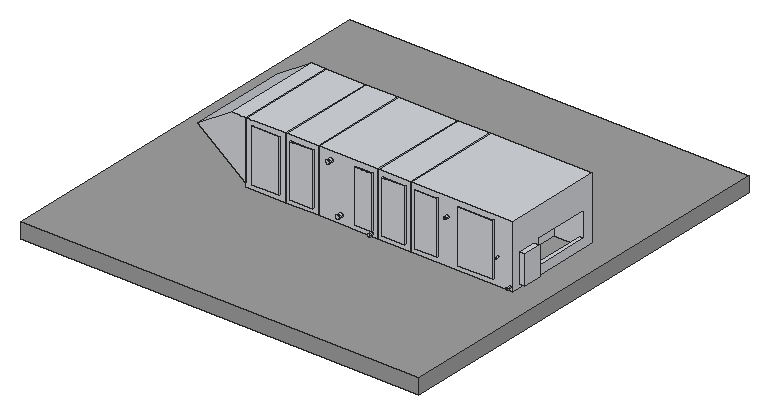
Revit family
Parameters (values of type "4 Row CW")
  Wheel Size [instance] = ""
  Voltage = 480 V
  Unit Weight (lbs) = 4667  # constant formula
  URL = "http://www.appliedair.com"
  Total Static Pressure [instance] = 0.00 in-wg
  Total Heating Capacity [instance] = 0.0 Btu/h
  Total Cooling Capacity [instance] = 0.0 Btu/h
  Temperature Rise [instance] = 0 °F
  Supply Air Pressure Drop [instance] = 0.00 in-wg
  Supply Air Outlet Flow [instance] = 0 CFM
  Supply Air Inlet Flow [instance] = 0 CFM
  Series = "IFL"
  Return Coil Horizontal Offset = 0' - 10"
  Return Air Inlet Flow [instance] = 0 CFM
  Return Air Flow Height = 1' - 8"
  Product URL = "http://www.appliedair.com/ifl.asp"
  Power Vertical Offset = 1' - 2 1/4"
  Power Horizontal Offset = 2' - 6"
  Power Connection Radius = 0' - 0 3/4"
  Phase = 3
  Output Heat [instance] = 0.0 Btu/h
  OmniClass = "23-75 10 24 21 27 17"
  Number of Rows = 4
  Number of Poles = 3
  Nominal Width = 6' - 8"  # constant formula
  Nominal Length = 21' - 0 5/8"  # constant formula
  Nominal Height = 4' - 2"  # constant formula
  Motor Horsepower (HP) [instance] = 0
  Motor Brake Horsepower (BHP) [instance] = 0
  Motor Amps [instance] = 0 A
  Model = "40"
  Minimum Input [instance] = 0.0 Btu/h
  Minimum Air Flow = 3000 CFM
  Maximum Input [instance] = 0.0 Btu/h
  Maximum Air Flow = 9500 CFM
  Manufacturer = "Applied Air"
  M = 3' - 10"  # constant formula
  L = 1' - 8 3/4"  # constant formula
  K = 2' - 1 11/16"  # constant formula
  J = 0' - 6 3/4"  # constant formula
  Heating Leaving Water Temperature [instance] = 0 °F
  Heating Leaving Air Temperature Wet Bulb [instance] = 0 °F
  Heating Leaving Air Temperature Dry Bulb [instance] = 0 °F
  Heating Entering Water Temperature [instance] = 0 °F
  Heating Entering Air Temperature Wet Bulb [instance] = 0 °F
  Heating Entering Air Temperature Dry Bulb [instance] = 0 °F
  Gas Vertical Offset = 1' - 9"  # constant formula
  Gas Horizontal Offset = 0' - 11 1/2"
  Gas Connection Radius = 0' - 0 3/8"  # constant formula
  Condensate Drain Vertical Offset = 0' - 2 3/4"
  Condensate Drain Radius = 0' - 0 3/4"  # constant formula
  Gas Pressure Drop [instance] = 0.00 psi
  Gas Input [instance] = 0.0 Btu/h
  Condensate Drain Horizontal Offset = 0' - 1 27/32"
  Gas Flow [instance] = 0 GPM
  Condensate Drain Connection Radius = Condensate Drain Radius  # 0' - 0 3/4"
  Furnace Size [instance] = ""
  Frequency = 60 Hz
  Fan Speed (RPM) [instance] = 0
  Face Velocity (FPM) [instance] = 0
  Face Pressure Drop [instance] = 0' - 0"
  Drain Pressure Drop [instance] = 0.00 psi
  Drain Flow [instance] = 0 GPM
  Description = "Dedicated Outside Air Split System"
  Cooling Sensible Capacity [instance] = 0 Btu/h
  Cooling Leaving Air Temperature Wet Bulb [instance] = 0 °F
  Cooling Leaving Air Temperature Dry Bulb [instance] = 0 °F
  Cooling Entering Air Temperature Wet Bulb [instance] = 0 °F
  Cooling Entering Air Temperature Dry Bulb [instance] = 0 °F
  Cooling Coil Radius = 0' 3" / 2  # 0' - 1 1/2"
  H = 0' - 3 1/16"  # constant formula
  G = 3' - 2 5/8"  # constant formula
  Drain Vertical Offset = 0' - 2"
  Drain Radius = 0' - 1"
  Drain Horizontal Offset = 0' - 5"
  Default Elevation = 0' - 0"
  F = 2' - 2"  # constant formula
  E = 4' - 0"  # constant formula
  D = 5' - 8"  # constant formula
  Combustion Air Flow [instance] = 0 CFM
  Coils Depth = 0' - 3"
  Coil Face Area = if(Choose Coil Option = 1, 9.17 SF, if(Choose Coil Option = 2, 14.00 SF, if(Choose Coil Option = 3, 17.72 SF, 0.00 SF)))  # 9.17 SF
  Choose Coil Option = 1
  Chilled Water Pressure [instance] = 0.00 in-wg
  Chilled Water Flow [instance] = 0 GPM
  Coils Vertical Offsets = 0' - 6 143/256"
  Supply Coil Horizontal Offset = 1' - 6"
  Burner Amps [instance] = 0 A
  B = 6' - 10"  # constant formula
  Assembly Code = "D3030200"
  Apparent Power [instance] = (Motor Amps + Burner Amps) * Voltage * sqrt(3)  # 0 VA
  AHU Material = Galvanized Steel
  30x44 CW Coils = Choose Coil Option = 1  # yes
  36x56 CW Coils = Choose Coil Option = 2  # no
  40.5x63 CW Coils = Choose Coil Option = 3  # no
Reference planes (in)
  plane 1 "Center (Front/Back)": y = 0
  plane 2: z = -0.00391
  plane 3 "Center (Left/Right)": x = 0
  plane 4: y = 38
  plane 5: y = -42
  plane 6: x = -24
  plane 7: x = 24
  plane 8: x = 50
  plane 9: z = 49.99609
  plane 10: x = 132
  plane 11: x = -50
  plane 12: x = -82
  plane 13: x = -120.625
  plane 14: x = -14
  plane 15: x = -6
  plane 16: z = 6.55469
  plane 17: z = 43.4375
  plane 18: y = -45
  plane 19: x = 19
  plane 20: z = 1.99609
  plane 21: x = 80
  plane 22: z = 35.74609
  plane 23: z = 2.74609
  plane 24: x = 130.15625
  plane 25: x = 120.5
  plane 26: z = 20.99609
Forms (in)
  Extrusion 1, solid, material "Default"
    sketch origin (0, 0, 0) x (1, 0, 0) y (0, 1, 0)
      loop
        line (-164.84185, 166) -> (-164.84185, -165.6411) -> (155.35983, -165.6411) -> (155.35983, 166) -> (-164.84185, 166)
    from -0.00391 to -12
  Extrusion 2, solid
    sketch origin (0.62705, 0, 0) x (1, 0, 0) y (0, 0, 1)
      loop
        line (-24.62705, 0) -> (23.37295, 0) -> (23.37295, 49.99609) -> (-24.62705, 49.99609) -> (-24.62705, 0)
    from -38 to 42
  Extrusion 3, solid
    sketch origin (66.62705, 0, 0) x (1, 0, 0) y (0, 0, 1)
      loop
        line (-42.62705, 0) -> (-16.62705, 0) -> (-16.62705, 49.99609) -> (-42.62705, 49.99609) -> (-42.62705, 0)
    from -38 to 42
  Extrusion 4, solid
    sketch origin (120.62705, 0, 0) x (1, 0, 0) y (0, 0, 1)
      loop
        line (-70.62705, 0) -> (11.37295, 0) -> (11.37295, 49.99609) -> (-70.62705, 49.99609) -> (-70.62705, 0)
    from -38 to 42
  Extrusion 5, solid
    sketch origin (-17.37295, 0, 0) x (1, 0, 0) y (0, 0, 1)
      loop
        line (-32.62705, -0.00391) -> (-6.62705, -0.00391) -> (-6.62705, 49.99609) -> (-32.62705, 49.99609) -> (-32.62705, -0.00391)
    from -38 to 42
  Extrusion 6, solid
    sketch origin (-41.37295, 0, 0) x (1, 0, 0) y (0, 0, 1)
      loop
        line (-40.62705, -0.00391) -> (-8.62705, -0.00391) -> (-8.62705, 49.99609) -> (-40.62705, 49.99609) -> (-40.62705, -0.00391)
    from -38 to 42
  Extrusion 7, solid
    sketch origin (-15.3125, 0, 0) x (1, 0, 0) y (0, 0, 1)
      loop
        line (-105.3125, 32.99609) -> (-66.6875, 2.74609) -> (-66.6875, 49.99609) -> (-78.33244, 49.99609) -> (-105.3125, 32.99609)
    from -38 to 42
  Extrusion 8, void
    sketch origin (0, 0, 0) x (1, 0, 0) y (0, 1, 0)
      loop
        line (-75, 32) -> (-75, -36) -> (-55, -36) -> (-55, 32) -> (-75, 32)
    from 0 to 31.59567
  Extrusion 9, void
    sketch origin (0, 0, 0) x (0, 1, 0) y (0, 0, 1)
      loop
        line (-36, 9) -> (32, 9) -> (32, 29) -> (-36, 29) -> (-36, 9)
    from -55 to -86
  Extrusion 10, void
    sketch origin (0, 0, 0) x (1, 0, 0) y (0, 0, 1)
      loop
        line (-109.05333, 23.93349) -> (-93.44248, 11.70751) -> (-86, 11.70751) -> (-86, 30.21142) -> (-102.77539, 30.21142) -> (-109.05333, 23.93349)
    from -32 to 36
  Extrusion 11, void
    sketch origin (0, 0, 0) x (1, 0, 0) y (0, 1, 0)
      loop
        line (128.9375, -16.3125) -> (128.9375, 29.6875) -> (108.1875, 29.6875) -> (108.1875, -16.3125) -> (128.9375, -16.3125)
    from 0 to 21.23232
  Extrusion 12, void
    sketch origin (0, 0, 0) x (1, 0, 0) y (0, 0, 1)
      loop
        line (132, 6.74609) -> (132, 27.49609) -> (108.1875, 27.49609) -> (108.1875, 6.74609) -> (132, 6.74609)
    from -29.6875 to 16.3125
  Extrusion 13, solid
    sketch origin (0, 0, 0) x (1, 0, 0) y (0, 1, 0)
      loop
        line (132, -21) -> (132, -36) -> (137, -36) -> (137, -21) -> (132, -21)
    from 3.06225 to 25.87762
  Extrusion 14, solid
    sketch origin (0, 0, 0) x (1, 0, 0) y (0, 0, 1)
      loop
        circle (-6, 6.55469) r 1.5
      loop
        circle (-14, 43.4375) r 1.5
      loop
        circle (19, 1.99609) r 1
      loop
        circle (80, 35.74609) r 0.75
      loop
        circle (130.15625, 2.74609) r 0.75
      loop
        circle (120.5, 20.99609) r 0.375
    from 42 to 45
  Extrusion 15, solid
    sketch origin (0, -38, 0) x (1, 0, 0) y (0, 0, 1)
      loop
        line (-55, 45.99609) -> (-77, 45.99609) -> (-77, 3.99609) -> (-55, 3.99609) -> (-55, 45.99609)
      loop
        line (-28, 45.99609) -> (-46, 45.99609) -> (-46, 3.99609) -> (-28, 3.99609) -> (-28, 45.99609)
      loop
        line (20, 45.99609) -> (6, 45.99609) -> (6, 3.99609) -> (20, 3.99609) -> (20, 45.99609)
      loop
        line (46, 45.99609) -> (28, 45.99609) -> (28, 3.99609) -> (46, 3.99609) -> (46, 45.99609)
      loop
        line (72, 45.99609) -> (54, 45.99609) -> (54, 3.99609) -> (72, 3.99609) -> (72, 45.99609)
      loop
        line (117, 45.99609) -> (89, 45.99609) -> (89, 3.99609) -> (117, 3.99609) -> (117, 45.99609)
    from 4 to 5
  Extrusion 16, void
    sketch origin (0, 0, 0) x (1, 0, 0) y (0, 0, 1)
      loop
        line (124.55215, 46.70523) -> (124.55215, 46.20523) -> (126.80215, 46.20523) -> (126.80215, 46.70523) -> (124.55215, 46.70523)
      loop
        line (127.55215, 46.70523) -> (127.55215, 46.20523) -> (129.80215, 46.20523) -> (129.80215, 46.70523) -> (127.55215, 46.70523)
      loop
        line (124.55215, 47.45523) -> (124.55215, 46.95523) -> (126.80215, 46.95523) -> (126.80215, 47.45523) -> (124.55215, 47.45523)
      loop
        line (127.55215, 47.45523) -> (127.55215, 46.95523) -> (129.80215, 46.95523) -> (129.80215, 47.45523) -> (127.55215, 47.45523)
      loop
        line (124.55215, 45.95523) -> (124.55215, 45.45523) -> (126.80215, 45.45523) -> (126.80215, 45.95523) -> (124.55215, 45.95523)
      loop
        line (127.55215, 45.95523) -> (127.55215, 45.45523) -> (129.80215, 45.45523) -> (129.80215, 45.95523) -> (127.55215, 45.95523)
      loop
        line (124.55215, 45.20523) -> (124.55215, 44.70523) -> (126.80215, 44.70523) -> (126.80215, 45.20523) -> (124.55215, 45.20523)
      loop
        line (127.55215, 45.20523) -> (127.55215, 44.70523) -> (129.80215, 44.70523) -> (129.80215, 45.20523) -> (127.55215, 45.20523)
      loop
        line (124.55215, 44.45523) -> (124.55215, 43.95523) -> (126.80215, 43.95523) -> (126.80215, 44.45523) -> (124.55215, 44.45523)
      loop
        line (127.55215, 44.45523) -> (127.55215, 43.95523) -> (129.80215, 43.95523) -> (129.80215, 44.45523) -> (127.55215, 44.45523)
      loop
        line (124.55215, 43.70523) -> (124.55215, 43.20523) -> (126.80215, 43.20523) -> (126.80215, 43.70523) -> (124.55215, 43.70523)
      loop
        line (127.55215, 43.70523) -> (127.55215, 43.20523) -> (129.80215, 43.20523) -> (129.80215, 43.70523) -> (127.55215, 43.70523)
      loop
        line (124.55215, 21.78696) -> (126.80215, 21.78696) -> (126.80215, 22.28696) -> (124.55215, 22.28696) -> (124.55215, 21.78696)
      loop
        line (127.55215, 21.78696) -> (129.80215, 21.78696) -> (129.80215, 22.28696) -> (127.55215, 22.28696) -> (127.55215, 21.78696)
      loop
        line (124.55215, 21.03696) -> (126.80215, 21.03696) -> (126.80215, 21.53696) -> (124.55215, 21.53696) -> (124.55215, 21.03696)
      loop
        line (127.55215, 21.03696) -> (129.80215, 21.03696) -> (129.80215, 21.53696) -> (127.55215, 21.53696) -> (127.55215, 21.03696)
      loop
        line (124.55215, 22.53696) -> (126.80215, 22.53696) -> (126.80215, 23.03696) -> (124.55215, 23.03696) -> (124.55215, 22.53696)
      loop
        line (127.55215, 22.53696) -> (129.80215, 22.53696) -> (129.80215, 23.03696) -> (127.55215, 23.03696) -> (127.55215, 22.53696)
      loop
        line (124.55215, 23.28696) -> (126.80215, 23.28696) -> (126.80215, 23.78696) -> (124.55215, 23.78696) -> (124.55215, 23.28696)
      loop
        line (127.55215, 23.28696) -> (129.80215, 23.28696) -> (129.80215, 23.78696) -> (127.55215, 23.78696) -> (127.55215, 23.28696)
      loop
        line (124.55215, 24.03696) -> (126.80215, 24.03696) -> (126.80215, 24.53696) -> (124.55215, 24.53696) -> (124.55215, 24.03696)
      loop
        line (127.55215, 24.03696) -> (129.80215, 24.03696) -> (129.80215, 24.53696) -> (127.55215, 24.53696) -> (127.55215, 24.03696)
      loop
        line (124.55215, 24.78696) -> (126.80215, 24.78696) -> (126.80215, 25.28696) -> (124.55215, 25.28696) -> (124.55215, 24.78696)
      loop
        line (127.55215, 24.78696) -> (129.80215, 24.78696) -> (129.80215, 25.28696) -> (127.55215, 25.28696) -> (127.55215, 24.78696)
    from 32 to 38
Cuts and joins
  Extrusion 8, Extrusion 9 cuts Extrusion 6
  Extrusion 9 cuts Extrusion 2
  Extrusion 9 cuts Extrusion 3
  Extrusion 9, Extrusion 10 cuts Extrusion 7
  Extrusion 11, Extrusion 12, Extrusion 16 cuts Extrusion 4
Dimensions and locks (in)
  "Nominal Width": plane 5 to plane 4
  "E": plane 6 to plane 7
  equal spacing: plane 6, plane 3 "Center (Left/Right)", plane 7
  "Nominal Height": plane 9 to plane 2
  "F": plane 7 to plane 8
  "F": plane 11 to plane 6
  locked: plane 12 to plane 11 at 32
  "B": plane 8 to plane 10
  "G": plane 13 to plane 12
  "D": Extrusion 8 sketch curve to Extrusion 8 sketch curve
  locked: Extrusion 8 sketch curve to Extrusion 8 sketch curve at 20
  locked: Extrusion 9 sketch curve to Extrusion 9 sketch curve at 20
  "D": Extrusion 9 sketch curve to Extrusion 9 sketch curve
  locked: level to Extrusion 9 sketch curve at 9
  "K": plane 5 to Extrusion 11 sketch curve
  "M": Extrusion 11 sketch curve to Extrusion 11 sketch curve
  "H": Extrusion 11 sketch curve to plane 10
  "L": Extrusion 11 sketch curve to Extrusion 11 sketch curve
  "J": Extrusion 12 sketch curve to plane 2
  "L": Extrusion 12 sketch curve to Extrusion 12 sketch curve
  "K": cut or joined group of Extrusion 4, Extrusion 11, Extrusion 12, Extrusion 16 to plane 5
  "M": cut or joined group of Extrusion 4, Extrusion 11, Extrusion 12, Extrusion 16 to cut or joined group of Extrusion 4, Extrusion 11, Extrusion 12, Extrusion 16
  plane 9 to Extrusion 13 = 2' - 0.11847"
  locked: Extrusion 13 to Extrusion 13 at 22.81538
  locked: Extrusion 13 to plane 2 at 3.06615
  locked: Extrusion 13 to Extrusion 13 at 5
  "Coils Depth": plane 18 to plane 5
  "Coils Vertical Offsets": plane 16 to plane 2
  "Coils Vertical Offsets": plane 9 to plane 17
  "Return Coil Horizontal Offset": plane 6 to plane 14
  "Supply Coil Horizontal Offset": plane 6 to plane 15
  "Drain Vertical Offset": plane 20 to plane 2
  "Drain Horizontal Offset": plane 19 to plane 7
  locked: plane 12 to Extrusion 15 sketch curve at 5
  locked: Extrusion 15 sketch curve to plane 11 at 5
  locked: plane 9 to Extrusion 15 sketch curve at 4  (x6)
  locked: Extrusion 15 sketch curve to plane 2 at 4  (x6)
  locked: plane 11 to Extrusion 15 sketch curve at 4
  locked: Extrusion 15 sketch curve to plane 6 at 4
  locked: plane 6 to Extrusion 15 sketch curve at 30
  locked: Extrusion 15 sketch curve to plane 7 at 4
  locked: plane 7 to Extrusion 15 sketch curve at 4
  locked: Extrusion 15 sketch curve to plane 8 at 4
  locked: plane 8 to Extrusion 15 sketch curve at 4
  locked: Extrusion 15 sketch curve to Extrusion 15 sketch curve at 17
  locked: Extrusion 15 sketch curve to plane 10 at 15
  "Power Vertical Offset": plane 9 to plane 22
  "Power Horizontal Offset": plane 8 to plane 21
  locked: Extrusion 15 to plane 5 at 1
  "Condensate Drain Vertical Offset": plane 23 to plane 2
  plane 13 to plane 10 = 21' - 0 5/8"
  "Condensate Drain Horizontal Offset": plane 24 to plane 10
  locked: Extrusion 7 sketch curve to plane 13 at 0
  locked: Extrusion 7 sketch curve to plane 12 at 0
  locked: Extrusion 7 sketch curve to plane 23 at 0
  locked: plane 17 to Extrusion 7 sketch curve at 10.44141
  "Gas Vertical Offset": plane 26 to plane 2
  "Gas Horizontal Offset": plane 25 to plane 10
  locked: Extrusion 14 sketch curve to plane 14 at 0
  locked: Extrusion 14 sketch curve to plane 15 at 0
  locked: Extrusion 14 sketch curve to plane 19 at 0
  locked: Extrusion 14 sketch curve to plane 21 at 0
  locked: Extrusion 14 sketch curve to plane 25 at 0
  locked: Extrusion 14 sketch curve to plane 23 at 0
  locked: Extrusion 14 sketch curve to plane 24 at 0
  locked: Extrusion 14 sketch curve to plane 20 at 0
  locked: Extrusion 14 sketch curve to plane 16 at 0
  locked: Extrusion 14 sketch curve to plane 26 at 0
  locked: Extrusion 14 sketch curve to plane 22 at 0
  locked: Extrusion 14 sketch curve to plane 17 at 0
  "Cooling Coil Radius": radius of Extrusion 14 sketch curve  (x2)
  "Drain Radius": radius of Extrusion 14 sketch curve
  "Power Connection Radius": radius of Extrusion 14 sketch curve
  "Condensate Drain Connection Radius": radius of Extrusion 14 sketch curve
  "Gas Connection Radius": radius of Extrusion 14 sketch curve
  aligned and locked: plane 2 to Extrusion 1
  aligned and locked: Extrusion 2 to plane 4
  aligned and locked: plane 5 to Extrusion 2
  aligned and locked: plane 6 to Extrusion 2
  aligned and locked: plane 7 to Extrusion 2
  aligned and locked: plane 7 to Extrusion 3
  aligned and locked: Extrusion 3 to plane 8
  aligned and locked: plane 9 to Extrusion 2
  aligned and locked: Extrusion 3 to Extrusion 2
  aligned and locked: plane 5 to Extrusion 3
  aligned and locked: Extrusion 3 to plane 4
  aligned and locked: Extrusion 4 to plane 9
  aligned and locked: plane 8 to Extrusion 4
  aligned and locked: Extrusion 4 to plane 10
  aligned and locked: plane 5 to Extrusion 4
  aligned and locked: Extrusion 4 to plane 4
  aligned and locked: Extrusion 5 to plane 6
  aligned and locked: plane 11 to Extrusion 5
  aligned and locked: Extrusion 5 to plane 9
  aligned and locked: Extrusion 5 to plane 2
  aligned and locked: Extrusion 5 to plane 4
  aligned and locked: plane 5 to Extrusion 5
  aligned and locked: plane 5 to Extrusion 6
  aligned and locked: Extrusion 6 to plane 4
  aligned and locked: plane 12 to Extrusion 6
  aligned and locked: Extrusion 6 to plane 11
  aligned and locked: Extrusion 6 to plane 9
  aligned and locked: Extrusion 6 to plane 2
  aligned and locked: Extrusion 7 to plane 9
  aligned and locked: plane 13 to Extrusion 7
  aligned and locked: Extrusion 7 to plane 12
  aligned and locked: Extrusion 7 to plane 4
  aligned and locked: plane 5 to Extrusion 7
  aligned and locked: cut or joined group of Extrusion 6, Extrusion 8, Extrusion 9 to Extrusion 9 sketch curve
  aligned and locked: cut or joined group of Extrusion 6, Extrusion 8, Extrusion 9 to Extrusion 9
  aligned and locked: cut or joined group of Extrusion 6, Extrusion 8, Extrusion 9 to Extrusion 10  (x2)
  aligned and locked: Extrusion 11 to level
  aligned and locked: cut or joined group of Extrusion 4, Extrusion 11, Extrusion 12, Extrusion 16 to Extrusion 12 sketch curve
  aligned and locked: plane 10 to Extrusion 12 sketch curve
  aligned and locked: plane 10 to Extrusion 13
  aligned and locked: plane 5 to Extrusion 14
  aligned and locked: plane 18 to Extrusion 14
  aligned and locked: Extrusion 15 to plane 5
  aligned and locked: cut or joined group of Extrusion 4, Extrusion 11, Extrusion 12, Extrusion 16 to plane 5
Automatic sketch dimensions
  Extrusion 1 sketch curve to Extrusion 1 sketch curve = 26' - 8.20168"
  Extrusion 1 sketch curve to Extrusion 1 sketch curve = 27' - 7.6411"
  Extrusion 2 sketch curve to level = 0' - 0"
  Extrusion 2 sketch curve to plane 6 = 0' - 0"
  Extrusion 2 sketch curve to plane 7 = 0' - 0"
  Extrusion 2 sketch curve to plane 9 = 0' - 0"
  Extrusion 3 sketch curve to level = 0' - 0"
  Extrusion 3 sketch curve to plane 7 = 0' - 0"
  Extrusion 3 sketch curve to plane 8 = 0' - 0"
  Extrusion 3 sketch curve to plane 9 = 0' - 0"
  Extrusion 4 sketch curve to level = 0' - 0"
  Extrusion 4 sketch curve to plane 8 = 0' - 0"
  Extrusion 4 sketch curve to plane 9 = 0' - 0"
  Extrusion 4 sketch curve to plane 10 = 0' - 0"
  Extrusion 5 sketch curve to plane 2 = 0' - 0"
  Extrusion 5 sketch curve to plane 11 = 0' - 0"
  Extrusion 5 sketch curve to plane 6 = 0' - 0"
  Extrusion 5 sketch curve to plane 9 = 0' - 0"
  Extrusion 6 sketch curve to plane 2 = 0' - 0"
  Extrusion 6 sketch curve to plane 12 = 0' - 0"
  Extrusion 6 sketch curve to plane 9 = 0' - 0"
  Extrusion 6 sketch curve to plane 11 = 0' - 0"
  Extrusion 8 sketch curve to plane 12 = 0' - 7"
  Extrusion 8 sketch curve to plane 5 = 0' - 6"
  Extrusion 13 sketch curve to plane 10 = 0' - 0"
  Extrusion 13 sketch curve to plane 10 = 0' - 5"
  Extrusion 13 sketch curve to plane 5 = 0' - 6"
  Extrusion 13 sketch curve to Extrusion 13 sketch curve = 1' - 3"
  Extrusion 15 sketch curve to Extrusion 15 sketch curve = 1' - 6"
  Extrusion 16 sketch curve to plane 17 = 0' - 3.26773"
  plane 10 to Extrusion 16 sketch curve = 0' - 7.44785"  (x2)
  Extrusion 16 sketch curve to Extrusion 16 sketch curve = 0' - 0"  (x37)
  plane 17 to Extrusion 16 sketch curve = 0' - 0.23227"  (x2)
  Extrusion 16 sketch curve to Extrusion 16 sketch curve = 0' - 2 1/4"  (x3)
  Extrusion 16 sketch curve to Extrusion 16 sketch curve = 0' - 0 3/4"  (x4)
  plane 10 to Extrusion 16 sketch curve = 0' - 2.19785"  (x3)
  plane 22 to Extrusion 16 sketch curve = 0' - 10.45913"
  Extrusion 16 sketch curve to Extrusion 16 sketch curve = 0' - 0 1/2"  (x21)
  Extrusion 16 sketch curve to Extrusion 16 sketch curve = 0' - 0 1/4"  (x20)
  Extrusion 16 sketch curve to plane 17 = 0' - 0.26773"  (x2)
  Extrusion 7 sketch curve to plane 9 = 0' - 0"
  plane 12 to Extrusion 7 sketch curve = 0' - 11.64494"
  Extrusion 10 sketch curve to plane 13 = 0' - 11.57167"
  Extrusion 10 sketch curve to Extrusion 10 sketch curve = 0' - 6.27793"
  Extrusion 10 sketch curve to plane 16 = 0' - 5.15283"
  plane 12 to Extrusion 10 sketch curve = 0' - 4"
  Extrusion 10 sketch curve to Extrusion 10 sketch curve = 0' - 7.44248"
  plane 22 to Extrusion 10 sketch curve = 0' - 11.81261"
  plane 22 to Extrusion 10 sketch curve = 0' - 5.53467"
Connectors (in)
  hvac at (-101.3125, -2, 17.87109), driven by "D", driven by "Return Air Flow Height", driven by "Supply Air Inlet Flow"
    settings: on cut or joined group of Extrusion 7, Extrusion 9, Extrusion 10, index 1
  hvac at (-65, -2, -0.00391), driven by "D", driven by "Return Air Flow Height", driven by "Return Air Inlet Flow"
    settings: on cut or joined group of Extrusion 6, Extrusion 8, Extrusion 9, index 2
  hvac at (118.5625, 6.6875, 0), driven by "M", driven by "L", driven by "Supply Air Outlet Flow"
    settings: on cut or joined group of Extrusion 4, Extrusion 11, Extrusion 12, Extrusion 16, index 3
  hvac at (132, 6.6875, 17.12109), driven by "M", driven by "L", driven by "Supply Air Outlet Flow"
    settings: on cut or joined group of Extrusion 4, Extrusion 11, Extrusion 12, Extrusion 16, index 4
  piping at (-14, -45, 43.4375), driven by "Cooling Coil Radius", driven by "Chilled Water Pressure", driven by "Chilled Water Flow"
    settings: on Extrusion 14, index 5
  piping at (-6, -45, 6.55469), driven by "Cooling Coil Radius", driven by "Chilled Water Flow", driven by "Chilled Water Pressure"
    settings: on Extrusion 14, index 6
  piping at (19, -45, 1.99609), driven by "Drain Radius", driven by "Drain Flow"
    settings: on Extrusion 14, index 7
  electrical at (80, -45, 35.74609), driven by "Number of Poles", driven by "Apparent Power", driven by "Voltage"
    settings: on Extrusion 14, index 8
  piping at (130.15625, -45, 2.74609), driven by "Condensate Drain Radius", driven by "Drain Flow", driven by "Gas Pressure Drop"
    settings: on Extrusion 14, index 9
  piping at (120.5, -45, 20.99609), driven by "Gas Flow", driven by "Gas Pressure Drop", driven by "Gas Connection Radius"
    settings: on Extrusion 14, index 10
